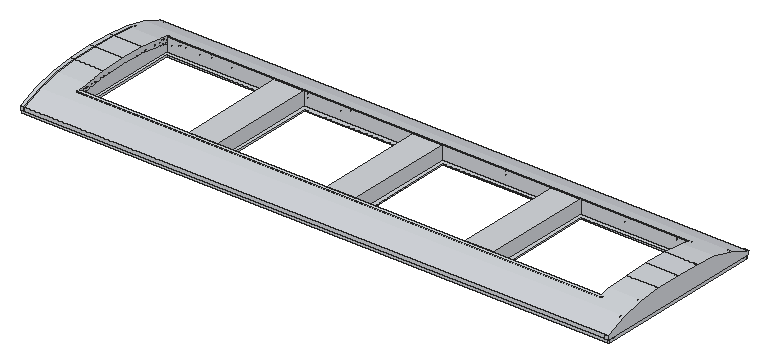
Revit family "Gira_021413", category Electrical Fixtures, host Face, Revit 2017
Family settings
  Host = Face
  Maintain Annotation Orientation = No
  Round Connector Dimension = Use Diameter
  Part Type = Normal
  Cut with Voids When Loaded = No
  Shared = No
  Room Calculation Point = No
Parameters (values of type "Cov.fr. 4-g interm.fr. AN Gira Event Opaque dark brown")
  With mounting grid = "No"
  With hinged lid = "No"
  URL = "http://katalog.gira.de/en/datenblatt.html?artikelnr=021413"
  Type of fastening = "Clamp mounting"
  Transparent = "No"
  Surface protection = "Other"
  Suitable for wall duct = "No"
  Suitable for flush-mounted installation = "Yes"
  Suitable for floor box = "No"
  Suitable for built-in installation = "No"
  Number of units vertical = "4"
  Number of units horizontal = "4"
  Number of units = "4"
  Name = "Cov.fr. 4-g interm.fr. AN Gira Event Opaque dark brown"
  Mounting direction = "Horizontal and vertical"
  Material quality = "Thermoplastic"
  Material = "Plastic"
  Manufacturer URL = "https://www.gira.de/"
  Manufacturer = "Gira"
  Label space/information surface = "No"
  Keynote = ""
  HeinzeBIM = "https://bimportal.heinze.de/bim/cov-fr-4-g-interm-fr-an-gira-event-opaque-dark-brown/41665e3a7fa8efd4a7e297d647c154ea7c048095"
  Halogen free = "Yes"
  HAN = "021413"
  GTIN = "4010337003120"
  Description = "Cov.fr.4g i.fr.AN EvOp DBN,Gira Event Opaque frames,dark brown with anthracite intermediate frame,4-gang,Features:,- Shatter-proof."
  Degree of protection (IP) = "IP20"
  Default Elevation = 1219.2 mm
  Data sheet (1) = "https://katalog.gira.de/en/download.html?artikelnr=021413"
  Colour = "Brown"
  Category = "Cover frame for domestic switching devices"
  BIM (1) = "https://media.stage.bim.site/public/gira/36a6b08/Event_Rahmen_4fach.rfa"
  Available = "No"
Reference planes
  plane 1 "Center (Front/Back)": y = 0
  plane 2: z = 0
  plane 3 "Center (Left/Right)": x = 0
Forms (mm)
  Extrusion 1, solid, detail levels fine
    sketch origin (0, 0, 0.05) x (0, 1, 0) y (0, 0, 1)
      loop
        arc (12.445, 9.683) -> (6.223, 9.833) -> (0, 9.85) r 291.636
        arc (0, 9.85) -> (-6.223, 9.833) -> (-12.445, 9.683) r 291.636
        arc (-12.445, 9.683) -> (-29.14, 7.482) -> (-45, 1.823) r 79.728
        line (-45, 1.823) -> (-45, -0.05) -> (-42.086, -0.05)
        arc (-42.086, -0.05) -> (-21.385, 5.559) -> (0, 7.206) r 114.424
        arc (0, 7.206) -> (21.385, 5.559) -> (42.086, -0.05) r 114.424
        line (42.086, -0.05) -> (45, -0.05) -> (45, 1.823)
        arc (45, 1.823) -> (29.14, 7.482) -> (12.445, 9.683) r 79.728
    from -151.95 to 151.935
  Extrusion 2, void, detail levels fine
    sketch origin (0, 0, 0) x (1, 0, 0) y (0, 1, 0)
      loop
        line (134.95, 28.035) -> (-134.95, 28.035) -> (-134.95, -28.035) -> (134.95, -28.035) -> (134.95, 28.035)
    from 0.724 to 11
  Extrusion 3, solid, detail levels coarse
    sketch origin (0, 0, 0) x (1, 0, 0) y (0, 1, 0)
      loop
        line (-151.95, 45) -> (-151.95, -45) -> (151.935, -45) -> (151.935, 45) -> (-151.95, 45)
    from -1.5 to 9.9
  Extrusion 4, solid, detail levels medium
    sketch origin (0, 0, 0.05) x (0, 1, 0) y (0, 0, 1)
      loop
        arc (12.445, 9.683) -> (6.223, 9.833) -> (0, 9.85) r 291.636
        arc (0, 9.85) -> (-6.223, 9.833) -> (-12.445, 9.683) r 291.636
        arc (-12.445, 9.683) -> (-29.14, 7.482) -> (-45, 1.823) r 79.728
        line (-45, 1.823) -> (-45, -0.05) -> (45, -0.05) -> (45, 1.823)
        arc (45, 1.823) -> (29.14, 7.482) -> (12.445, 9.683) r 79.728
    from -151.95 to 151.935
  Extrusion 5, solid, detail levels fine
    sketch origin (-106.95, 0, -1.5) x (0, 1, 0) y (0, 0, -1)
      loop
        line (45, -3.373) -> (45, -1.5) -> (-45, -1.5) -> (-45, -3.373)
        arc (-45, -3.373) -> (-29.14, -9.032) -> (-12.445, -11.233) r 79.728
        arc (-12.445, -11.233) -> (-6.223, -11.383) -> (0, -11.4) r 291.636
        arc (0, -11.4) -> (6.223, -11.383) -> (12.445, -11.233) r 291.636
        arc (12.445, -11.233) -> (29.14, -9.032) -> (45, -3.373) r 79.728
    from 43 to 45
  Extrusion 6, solid, detail levels fine
    sketch origin (0, 0, 0) x (1, 0, 0) y (0, 1, 0)
      loop
        line (-132.85, 25.7) -> (-132.85, -25.7) -> (-81.05, -25.7) -> (-81.05, 25.7) -> (-132.85, 25.7)
      loop
        line (-9.755, -25.7) -> (-9.755, 25.7) -> (-61.555, 25.7) -> (-61.555, -25.7) -> (-9.755, -25.7)
      loop
        line (-135.845, 28.49) -> (-135.845, -28.495)
        spline (-135.845, -28.495) -> (-135.836, -28.625) -> (-135.811, -28.754) -> (-135.769, -28.878) -> (-135.711, -28.995) -> (-135.638, -29.104) -> (-135.552, -29.202) -> (-135.454, -29.288) -> (-135.345, -29.361) -> (-135.228, -29.419) -> (-135.104, -29.461) -> (-134.975, -29.486) -> (-134.845, -29.495)
        line (-134.845, -29.495) -> (134.845, -29.495)
        spline (134.845, -29.495) -> (134.975, -29.486) -> (135.104, -29.461) -> (135.228, -29.419) -> (135.345, -29.361) -> (135.454, -29.288) -> (135.552, -29.202) -> (135.638, -29.104) -> (135.711, -28.995) -> (135.769, -28.878) -> (135.811, -28.754) -> (135.836, -28.625) -> (135.845, -28.495)
        line (135.845, -28.495) -> (135.845, 28.49)
        spline (135.845, 28.49) -> (135.836, 28.62) -> (135.811, 28.748) -> (135.769, 28.872) -> (135.711, 28.99) -> (135.638, 29.098) -> (135.552, 29.197) -> (135.454, 29.283) -> (135.345, 29.356) -> (135.228, 29.413) -> (135.104, 29.456) -> (134.975, 29.481) -> (134.845, 29.49)
        line (134.845, 29.49) -> (-134.845, 29.49)
        spline (-134.845, 29.49) -> (-134.975, 29.481) -> (-135.104, 29.456) -> (-135.228, 29.413) -> (-135.345, 29.356) -> (-135.454, 29.283) -> (-135.552, 29.197) -> (-135.638, 29.098) -> (-135.711, 28.99) -> (-135.769, 28.872) -> (-135.811, 28.748) -> (-135.836, 28.62) -> (-135.845, 28.49)
      loop
        line (61.545, -25.7) -> (61.545, 25.7) -> (9.745, 25.7) -> (9.745, -25.7) -> (61.545, -25.7)
      loop
        line (132.85, -25.7) -> (132.85, 25.7) -> (81.05, 25.7) -> (81.05, -25.7) -> (132.85, -25.7)
    from 0.1 to 7.3
  Extrusion 7, solid
    sketch origin (0, 0, 0) x (1, 0, 0) y (0, 1, 0)
      loop
        arc (-151.65, -44.218) -> (-151.504, -44.572) -> (-151.15, -44.718) r 0.5
        line (-151.15, -44.718) -> (151.15, -44.718)
        arc (151.15, -44.718) -> (151.504, -44.572) -> (151.65, -44.218) r 0.5
        line (151.65, -44.218) -> (151.65, 44.182)
        arc (151.65, 44.182) -> (151.504, 44.535) -> (151.15, 44.682) r 0.5
        line (151.15, 44.682) -> (-151.15, 44.682)
        arc (-151.15, 44.682) -> (-151.504, 44.535) -> (-151.65, 44.182) r 0.5
        line (-151.65, 44.182) -> (-151.65, -44.218)
      loop
        line (-149.95, 42.982) -> (-149.95, -43.018) -> (149.95, -43.018) -> (149.95, 42.982) -> (-149.95, 42.982)
    from -1.5 to 0.5
  Extrusion 8, solid, detail levels fine
    sketch origin (106.935, 0, -1.5) x (0, 1, 0) y (0, 0, 1)
      loop
        arc (45, 3.373) -> (29.14, 9.032) -> (12.445, 11.233) r 79.728
        arc (12.445, 11.233) -> (6.223, 11.383) -> (0, 11.4) r 291.636
        arc (0, 11.4) -> (-6.223, 11.383) -> (-12.445, 11.233) r 291.636
        arc (-12.445, 11.233) -> (-29.14, 9.032) -> (-45, 3.373) r 79.728
        line (-45, 3.373) -> (-45, 1.5) -> (45, 1.5) -> (45, 3.373)
    from 43 to 45
  Extrusion 9, solid, detail levels medium
    sketch origin (0, 0, 0) x (1, 0, 0) y (0, 1, 0)
      loop
        line (-151.65, -44.718) -> (151.65, -44.718) -> (151.65, 44.682) -> (-151.65, 44.682) -> (-151.65, -44.718)
    from -1.5 to 0.5
  Extrusion 10, solid, detail levels fine
    sketch origin (-69.857, 0, 0) x (1, 0, 0) y (0, 1, 0)
      loop
        line (-8.943, 28.063) -> (-8.943, -27.937) -> (6.057, -27.937) -> (6.057, 28.063) -> (-8.943, 28.063)
    from 0.724 to 7.566
  Extrusion 11, solid, detail levels fine
    sketch origin (-1.443, 0, 0) x (-1, 0, 0) y (0, -1, 0)
      loop
        line (-8.943, -28.063) -> (6.057, -28.063) -> (6.057, 27.937) -> (-8.943, 27.937) -> (-8.943, -28.063)
    from 0.724 to 7.566
  Extrusion 12, solid, detail levels fine
    sketch origin (69.857, 0, 0) x (-1, 0, 0) y (0, -1, 0)
      loop
        line (-8.943, -28.063) -> (6.057, -28.063) -> (6.057, 27.937) -> (-8.943, 27.937) -> (-8.943, -28.063)
    from 0.724 to 7.566
Cuts and joins
  Extrusion 2 cuts Extrusion 1
  Extrusion 2 cuts Extrusion 6
Dimensions and locks
  aligned and locked: plane 2 to host face
  aligned and locked: level to host face
